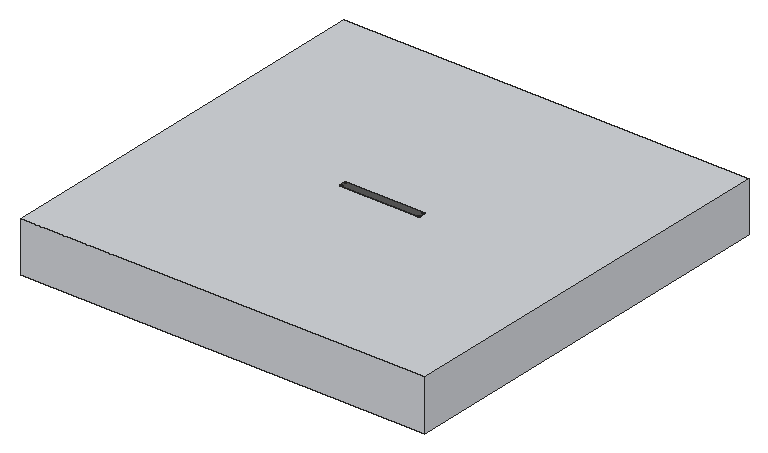
Revit family
Parameters
  Weight = 0.358 lbf
  U/M = "EA"
  U Space = "1"
  System = "Racks, Cable Mgt & RouteIT"
  Serial Number = "PNL-BLNK-1"
  Segment = "CSS"
  Ports = "0"
  Model = "RACK"
  Metal = none
  Manufacturer = "SIEMON"
  Loaded/Empty = "N/A"
  Item Group = "RACKS"
  Item Class = "1B"
  Description = "BLANK FILLER PANEL, 1 RMS"
  Default Elevation = 4' - 0"
  Color = "Black"
Reference planes (in)
  plane 1 "Center (Front/Back)": y = 0
  plane 2: z = 0
  plane 3 "Center (Left/Right)": x = 0
Forms (in)
  Extrusion 1, solid
    sketch origin (0, 0, 0) x (1, 0, 0) y (0, 1, 0)
      loop
        line (-48, 48) -> (-48, -48) -> (48, -48) -> (48, 48) -> (-48, 48)
    from 0 to -12
Dimensions and locks (in)
  aligned and locked: plane 2 to Extrusion 1
  aligned and locked: level to Extrusion 1
Nested families (in)
  nested 1: "PNL-BLNK-1[nn]" at (0, 0, -0.61466), type "PNL-BLNK-1[nn]"
Definition of nested family "PNL-BLNK-1[nn]"
  Parameters (values of type "PNL-BLNK-1[nn]")
    Weight = "0.2 kgs (0.4 lbs)"
    UL Rating = "UL 1863"
    U Space / Capacity = "1U"
    Part Number = "PNL-BLNK-1"
    Material = Black Anodized Aluminum
    Manufacturer Contact Info / Website = "www.siemon.com"
    Manufacturer = "Siemon"
    Dimensions (H x W x D) = "44.5mm x 483mm x 2.54mm\r\n(1.75 in. x 19.0 in. x 0.1 in.)"
    Description = "Blank Filler Panel"
    "A" = "1.75"
  Reference planes (in)
    plane 1 "Center (Front/Back)": y = 0
    plane 2: z = 0.61466
    plane 3 "Center (Left/Right)": x = 0
  Forms (in)
    Extrusion 1, solid, material "Black Anodized Aluminum" <- "Material"
      sketch origin (0, -0.61466, 0.61466) x (1, 0, 0) y (0, 1, 0)
        loop
          line (9.38, 0.8725) -> (-9.38, 0.8725)
          arc (-9.38, 0.8725) -> (-9.46485, 0.83735) -> (-9.5, 0.7525) r 0.12
          line (-9.5, 0.7525) -> (-9.5, -0.7525)
          arc (-9.5, -0.7525) -> (-9.46485, -0.83735) -> (-9.38, -0.8725) r 0.12
          line (-9.38, -0.8725) -> (9.38, -0.8725)
          arc (9.38, -0.8725) -> (9.46485, -0.83735) -> (9.5, -0.7525) r 0.12
          line (9.5, -0.7525) -> (9.5, 0.7525)
          arc (9.5, 0.7525) -> (9.46485, 0.83735) -> (9.38, 0.8725) r 0.12
        loop
          arc (-9.101, -0.7675) -> (-8.961, -0.6275) -> (-9.101, -0.4875) r 0.14
          line (-9.101, -0.4875) -> (-9.227, -0.4875)
          arc (-9.227, -0.4875) -> (-9.367, -0.6275) -> (-9.227, -0.7675) r 0.14
          line (-9.227, -0.7675) -> (-9.101, -0.7675)
        loop
          arc (-9.227, 0.7675) -> (-9.367, 0.6275) -> (-9.227, 0.4875) r 0.14
          line (-9.227, 0.4875) -> (-9.101, 0.4875)
          arc (-9.101, 0.4875) -> (-8.961, 0.6275) -> (-9.101, 0.7675) r 0.14
          line (-9.101, 0.7675) -> (-9.227, 0.7675)
        loop
          arc (9.101, 0.7675) -> (8.961, 0.6275) -> (9.101, 0.4875) r 0.14
          line (9.101, 0.4875) -> (9.227, 0.4875)
          arc (9.227, 0.4875) -> (9.367, 0.6275) -> (9.227, 0.7675) r 0.14
          line (9.227, 0.7675) -> (9.101, 0.7675)
        loop
          arc (9.101, -0.4875) -> (8.961, -0.6275) -> (9.101, -0.7675) r 0.14
          line (9.101, -0.7675) -> (9.227, -0.7675)
          arc (9.227, -0.7675) -> (9.367, -0.6275) -> (9.227, -0.4875) r 0.14
          line (9.227, -0.4875) -> (9.101, -0.4875)
      from 0 to 0.1
  Lines and regions (in)
    reference lines
      curve 1: line (-9.17221, 0, 1.89895) -> (-9.17221, 0, -1.8412)
      curve 2: line (9.17187, 0, 1.89895) -> (9.17187, 0, -1.8412)
      curve 3: line (-10.55016, 0, 0.61466) -> (10.70968, 0, 0.61466)
  Dimensions and locks (in)
    curve 1 to plane 3 "Center (Left/Right)" = 0' - 9.17221"
    plane 3 "Center (Left/Right)" to curve 2 = 0' - 9 11/64"
